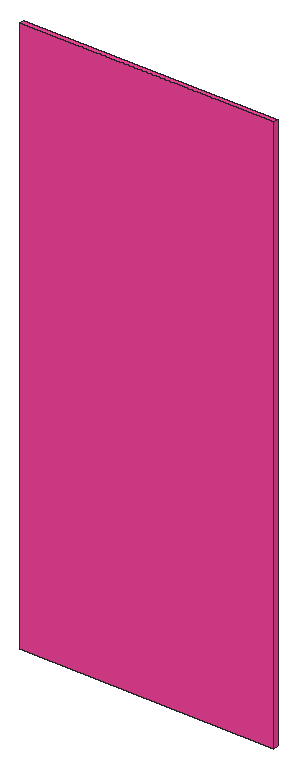
Revit family "EXP_WT-1A_CPan-027", category Curtain Panels, Revit 2021
Family settings
  OmniClass Number = 23.25.20.14.11.11.17
  OmniClass Title = Infill Panels
  Always vertical = Yes
  Cut with Voids When Loaded = No
  Shared = No
Parameters
  UI-UnitNumber [instance] = "001"
  UI-Quadrant [instance] = "SE"
  UI-ProjectAbbreviation = "NEU"
  UI-ItemCategory = "PID"
  UI-FloorNumber [instance] = "03"
  PNT-WallType = "WT1C"
  PNT-ProjectAbbreviation = "NEU"
  PNT-PanelType [instance] = "01"
  PNT-ItemCategory = "PNL"
  GlassSPH [instance] = 0' - 1 1/8"
  GlassH1 [instance] = MP-F(Glass)
  Define Thermal Properties by = Schematic Type
  CellSp = 0' - 10 3/16"
  CellL [instance] = 6' - 2"
  CellH1 [instance] = CellH  # 12' - 11"
  CellH [instance] = 12' - 11"
  CellAngle [instance] = 45.00°
  Analytic Construction = "<None>"
Reference planes (in)
  plane 1 "Center (Front/Back)": y = 0
  plane 2: z = 0
  plane 3 "Center (Left/Right)": x = 0
  plane 4 "Left": x = -37
  plane 5 "Right": x = 37
  plane 6 "Top": z = 155
  plane 7: y = -10.1875
Forms (in)
  Extrusion 1, solid, material "MP-F(Glass)" <- "GlassH1", detail levels coarse+medium
    sketch origin (0, 0, 0) x (1, 0, 0) y (0, 1, 0)
      loop
        line (37, 0) -> (-37, 0) -> (-26.8125, -10.1875) -> (37, -10.1875) -> (37, 0)
    from 0 to 155
Lines and regions (in)
  reference lines
    curve 1: line (-37, 0, 0) -> (-2.35177, -34.64823, 0)
Text (in)
  text "Exterior" at (-92.59733, 55.75508, 0), in view "Ref. Level"
  text "Exterior" at (0, 90.18664, 173.49264), in view "Left"
  text "Exterior" at (0, 52.29083, 162.21847), in view "Right"
Dimensions and locks (in)
  equal spacing: plane 4 "Left", plane 3 "Center (Left/Right)", plane 5 "Right"  (x2)
  "CellL": plane 4 "Left" to plane 5 "Right"
  "CellH": plane 2 to plane 6 "Top"
  "CellSp": plane 7 to plane 1 "Center (Front/Back)"
  "CellAngle": angle curve 1 to plane 1 "Center (Front/Back)"
  aligned and locked: level to plane 2
  aligned and locked: Extrusion 1 sketch curve to plane 1 "Center (Front/Back)"
  aligned and locked: Extrusion 1 sketch curve to plane 7
  aligned and locked: Extrusion 1 sketch curve to curve 1
  aligned and locked: Extrusion 1 sketch curve to plane 5 "Right"
  aligned and locked: Extrusion 1 to plane 2
  aligned and locked: Extrusion 1 to plane 6 "Top"
  aligned and locked: plane 1 "Center (Front/Back)" to nested 1
  aligned and locked: plane 5 "Right" to nested 1
  aligned and locked: plane 4 "Left" to nested 1
  aligned and locked: plane 2 to curve 1
  aligned and locked: nested 1 to plane 6 "Top"
  aligned and locked: plane 4 "Left" to nested 2
  aligned and locked: plane 5 "Right" to nested 2
  aligned and locked: plane 1 "Center (Front/Back)" to nested 2
  aligned and locked: nested 2 to plane 6 "Top"
  aligned and locked: plane 2 to nested 2
Automatic sketch dimensions
  plane 1 "Center (Front/Back)" to curve 1 = 0' - 0"
  curve 1 to plane 4 "Left" = 0' - 0"
Nested families (in)
  nested 1: "EXP_xx_DetO-002" at (0, 0, 0), CellH <- "CellH", CellL <- "CellL", type "EXP_xx_DetO-002", detail levels coarse
    with CellL 6' - 2", CellH 12' - 11"
  nested 2: "EXP_WT-1x_IG-003" at (0, 0, 77.5), GlassSP <- "GlassSPH", MaterialGlass <- "GlassH1", type "A = 90_GlassSP = H"
    with MaterialGlass MP-F(Glass), GlassSP 0' - 1 1/8", GlassL 5' - 8.87402", GlassH 12' - 8.12598", CellL 6' - 2", CellH 12' - 11"
Definition of nested family "EXP_WT-1x_IG-003"
  Parameters (values of type "A = 90_H2(x2) _ GlassSP = 2 1/8"")
    MaterialGlass [instance] = none
    GlassSP [instance] = 0' - 2.12598"
    GlassL [instance] = CellL - (GlassD1 + GlassD3)  # 3' - 7.69291"
    GlassH [instance] = CellH - (GlassD2 + GlassD4)  # 6' - 6.64788"
    GlassD4 = 0' - 1.43701"
    GlassD3 = 0' - 0.93701"
    GlassD2 = 0' - 0 1/2"
    GlassD1 = 0' - 4.18898"
    GMPI-ProjectAbbreviation = "NEU"
    GMPI-IteamCategory = "GLS"
    Default Elevation = 0' - 0"
    CellL [instance] = 4' - 0.8189"
    CellH [instance] = 6' - 8.58489"
  Types (20): name | GlassSP | GlassL | GlassH | GlassD4 | GlassD2 | GlassD1
    A = 90_H2(x2) _ GlassSP = 2 1/8" | 0' - 2.12598" | 3' - 7.69291" | 6' - 6.64788" | 0' - 1.43701" | 0' - 0 1/2" | 0' - 4.18898"
    A = 90_H1 _ GlassSP = 1 1/4" | 0' - 1 1/4" | 3' - 7.69291" | 6' - 6.89739" | 0' - 0 1/4" | 0' - 1 7/16" | 0' - 4.18898"
    A = 90_H2(x3) _ GlassSP = 2 1/8" | 0' - 2.12598" | 3' - 7.69291" | 6' - 7.83489" | 0' - 0 1/4" | 0' - 0 1/2" | 0' - 4.18898"
    A = 90_H3 _ GlassSP = 1 1/4" | 0' - 1 1/4" | 3' - 7.69291" | 6' - 6.64788" | 0' - 1.43701" | 0' - 0 1/2" | 0' - 4.18898"
    A = 90_H _ GlassSP = 1 1/4" | 0' - 1 1/4" | 3' - 7.69291" | 6' - 5.71088" | 0' - 1.43701" | 0' - 1.43701" | 0' - 4.18898"
    A = 78_H _ GlassSP = 1 1/4" | 0' - 1 1/4" | 3' - 6.75591" | 6' - 5.71088" | 0' - 1.43701" | 0' - 1.43701" | 0' - 5.12598"
    A = 78_H1 _ GlassSP = 1 1/4" | 0' - 1 1/4" | 3' - 6.75591" | 6' - 6.89739" | 0' - 0 1/4" | 0' - 1 7/16" | 0' - 5.12598"
    A = 78_H2(x2) _ GlassSP = 2 1/8" | 0' - 2.12598" | 3' - 6.75591" | 6' - 6.64788" | 0' - 1.43701" | 0' - 0 1/2" | 0' - 5.12598"
    A = 78_H2(x3) _ GlassSP = 2 1/8" | 0' - 2.12598" | 3' - 6.75591" | 6' - 7.83489" | 0' - 0 1/4" | 0' - 0 1/2" | 0' - 5.12598"
    A = 78_H3 _ GlassSP = 1 1/4" | 0' - 1 1/4" | 3' - 6.75591" | 6' - 6.64788" | 0' - 1.43701" | 0' - 0 1/2" | 0' - 5.12598"
    A = 90_GlassSP = H | 0' - 1 1/4" | 3' - 7.69291" | 6' - 5.71088" | 0' - 1.43701" | 0' - 1.43701" | 0' - 4.18898"
    A = 90_ GlassSP = H3 | 0' - 1 1/4" | 3' - 7.69291" | 6' - 6.64788" | 0' - 1.43701" | 0' - 0 1/2" | 0' - 4.18898"
    A = 90_GlassSP = H2(x3) | 0' - 2.12598" | 3' - 7.69291" | 6' - 7.83489" | 0' - 0 1/4" | 0' - 0 1/2" | 0' - 4.18898"
    A = 90_GlassSP = H2(x2) | 0' - 2.12598" | 3' - 7.69291" | 6' - 6.64788" | 0' - 1.43701" | 0' - 0 1/2" | 0' - 4.18898"
    A = 90_GlassSP = H1 | 0' - 1 1/4" | 3' - 7.69291" | 6' - 6.89739" | 0' - 0 1/4" | 0' - 1 7/16" | 0' - 4.18898"
    A = 78_GlassSP = H | 0' - 1 1/4" | 3' - 6.75591" | 6' - 5.71088" | 0' - 1.43701" | 0' - 1.43701" | 0' - 5.12598"
    A = 78_ GlassSP = H3 | 0' - 1 1/4" | 3' - 6.75591" | 6' - 6.64788" | 0' - 1.43701" | 0' - 0 1/2" | 0' - 5.12598"
    A = 78_ GlassSP = H2(x3) | 0' - 2.12598" | 3' - 6.75591" | 6' - 7.83489" | 0' - 0 1/4" | 0' - 0 1/2" | 0' - 5.12598"
    A = 78_GlassSP = H2(x2) | 0' - 2.12598" | 3' - 6.75591" | 6' - 6.64788" | 0' - 1.43701" | 0' - 0 1/2" | 0' - 5.12598"
    A = 78_GlassSP = H1 | 0' - 1 1/4" | 3' - 6.75591" | 6' - 6.89739" | 0' - 0 1/4" | 0' - 1 7/16" | 0' - 5.12598"
  Reference planes (in)
    plane 1 "Center (Front/Back)": y = 0
    plane 2: z = 0
    plane 3 "Center (Left/Right)": x = 0
    plane 4: x = -24.40945
    plane 5: x = 24.40945
    plane 6: z = 40.29245
    plane 7: x = -20.22047
    plane 8: x = 23.47244
    plane 9: z = -40.29245
    plane 10: z = 39.79245
    plane 11: z = -38.85544
  Forms (in)
    Extrusion 1, solid, material <- "MaterialGlass"
      sketch origin (0, 0, 0) x (1, 0, 0) y (0, 0, 1)
        loop
          line (-20.22047, -38.85544) -> (23.47244, -38.85544) -> (23.47244, 39.79245) -> (-20.22047, 39.79245) -> (-20.22047, -38.85544)
      from 0 to 2.12598 <- "GlassSP"
  Dimensions and locks (in)
    equal spacing: plane 6, level, plane 9
    "CellH": plane 6 to plane 9
    "GlassD2": plane 6 to plane 10
    "GlassD4": plane 11 to plane 9
    equal spacing: plane 4, plane 3 "Center (Left/Right)", plane 5
    "CellL": plane 4 to plane 5
    "GlassD1": plane 4 to plane 7
    "GlassD3": plane 5 to plane 8
    aligned and locked: level to plane 2
    aligned and locked: Extrusion 1 sketch curve to plane 11
    aligned and locked: Extrusion 1 sketch curve to plane 7
    aligned and locked: plane 10 to Extrusion 1 sketch curve
    aligned and locked: plane 8 to Extrusion 1 sketch curve
Definition of nested family "EXP_xx_DetO-002"
  Parameters (values of type "EXP_xx_DetO-002")
    Default Elevation = 0' - 0"
    CellL [instance] = 5' - 4.56693"
    CellH [instance] = 5' - 2.99213"
  Reference planes (in)
    plane 1 "Center (Front/Back)": y = 0
    plane 2: z = 0
    plane 3 "Center (Left/Right)": x = 0
    plane 4: x = -32.28346
    plane 5: x = 32.28346
    plane 6: z = 62.99213
  Lines and regions (in)
    model lines
      curve 1: line (-32.28346, 0, 62.99213) -> (32.28346, 0, 0)
      curve 2: line (32.28346, 0, 62.99213) -> (-32.28346, 0, 0)
  Dimensions and locks (in)
    "CellH": plane 6 to level
    equal spacing: plane 4, plane 3 "Center (Left/Right)", plane 5
    "CellL": plane 4 to plane 5
    aligned and locked: level to plane 2
  Automatic sketch dimensions
    curve 2 to level = 0' - 0"
    plane 4 to curve 2 = 0' - 0"
    plane 4 to curve 1 = 0' - 0"
    plane 5 to curve 2 = 0' - 0"
    curve 1 to level = 0' - 0"
    plane 5 to curve 1 = 0' - 0"
    curve 2 to plane 6 = 0' - 0"
    curve 1 to plane 6 = 0' - 0"
